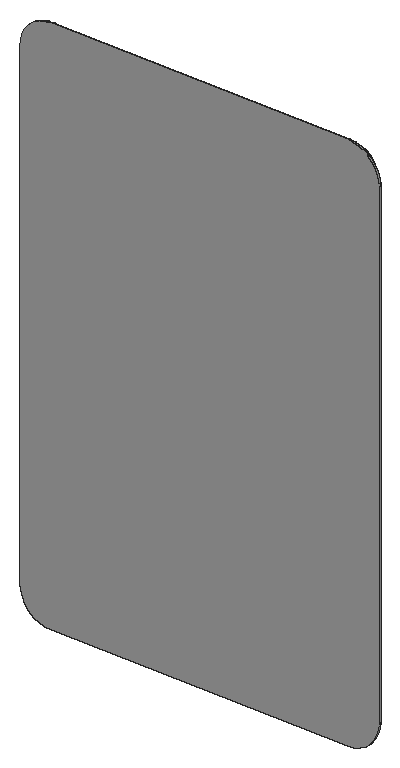
Revit family "41636Z", category Generic Models, Revit 2017
Family settings
  Can host rebar = No
  Round Connector Dimension = Use Diameter
  Part Type = Normal
  Work Plane-Based = No
  Always vertical = Yes
  Cut with Voids When Loaded = No
  Shared = No
  Room Calculation Point = No
Parameters
  Steel = Default
  Glass = Default
Reference planes
  plane 1 "Center (Front/Back)": y = 0
  plane 2: z = 0
  plane 3 "Center (Left/Right)": x = 0
  plane 4: y = 4
  plane 5: y = 4.3
Forms (mm)
  Extrusion 1, solid, material "Default" <- "Glass"
    sketch origin (-172.671, 4, 1200) x (-1, 0, 0) y (0, 0, 1)
      loop
        arc (316.087, 201.684) -> (291.481, 263.524) -> (230.11, 289.281) r 85.992
        arc (230.11, 289.281) -> (-172.671, 299.43) -> (-575.452, 289.281) r 7997.568
        arc (-575.452, 289.281) -> (-636.257, 264.095) -> (-661.444, 203.289) r 85.992
        arc (-661.444, 203.289) -> (-675.119, -450.285) -> (-661.444, -1103.859) r 15624.517
        arc (-661.444, -1103.859) -> (-636.258, -1164.662) -> (-575.455, -1189.848) r 85.989
        arc (-575.455, -1189.848) -> (-172.463, -1200) -> (230.528, -1189.848) r 8003.368
        arc (230.528, -1189.848) -> (291.028, -1164.788) -> (316.087, -1104.288) r 85.559
        arc (316.087, -1104.288) -> (329.778, -451.302) -> (316.087, 201.684) r 15579.347
    from -4 to 0
  Extrusion 2, solid, material "Default" <- "Steel"
    sketch origin (-172.671, 4, 1200) x (-1, 0, 0) y (0, 0, 1)
      loop
        arc (230.11, 289.281) -> (-172.671, 299.43) -> (-575.452, 289.281) r 7997.568
        arc (-575.452, 289.281) -> (-636.257, 264.095) -> (-661.444, 203.289) r 85.992
        arc (-661.444, 203.289) -> (-675.119, -450.285) -> (-661.444, -1103.859) r 15624.517
        arc (-661.444, -1103.859) -> (-636.258, -1164.662) -> (-575.455, -1189.848) r 85.989
        arc (-575.455, -1189.848) -> (-172.463, -1200) -> (230.528, -1189.848) r 8003.368
        arc (230.528, -1189.848) -> (291.028, -1164.788) -> (316.087, -1104.288) r 85.559
        arc (316.087, -1104.288) -> (329.778, -451.302) -> (316.087, 201.684) r 15579.347
        arc (316.087, 201.684) -> (291.481, 263.524) -> (230.11, 289.281) r 85.992
    from 0 to 0.3
Dimensions and locks
  aligned and locked: level to plane 2
